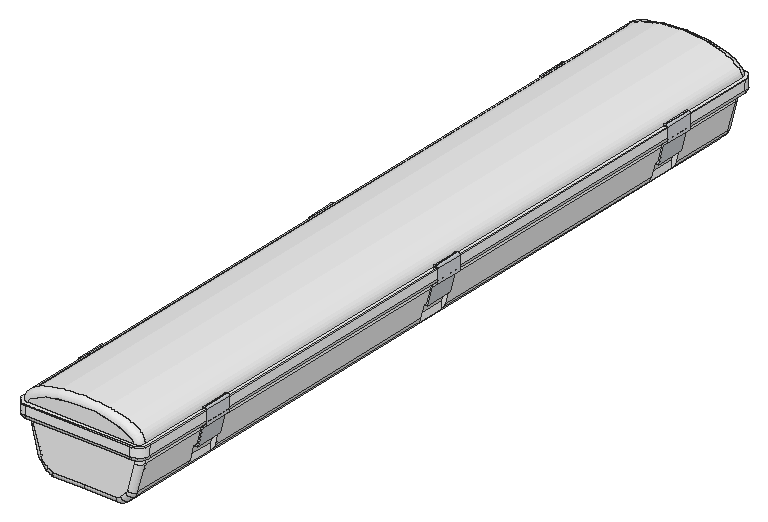
Revit family "0048691 Feilo Sylvania Lighting Fixture SYLPRF SUP LED G3 600MM S 4K D", category Lighting Fixtures, host Face, Revit 2016
Family settings
  Host = Face
  Part Type = Normal
  Round Connector Dimension = Use Diameter
  OmniClass Number = 23.80.70.11.14
  OmniClass Title = General Luminaries, Directional
  Cut with Voids When Loaded = No
  Light Source = Yes
  Shared = No
  Room Calculation Point = No
Parameters (values of type "0048691 SYLPRF SUP LED G3 600MM S 4K D")
  Width = 110 mm
  Weight = "1.12 kg"
  Wattage Comments = "n/a"
  Wattage = 14 W
  WarrantyStartDate [instance] = "n/a"
  WarrantyGuarantorParts = "n/a"
  WarrantyDurationUnit = "n/a"
  WarrantyDurationParts = "n/a"
  WarrantyDescription = "n/a"
  built-in parameter 1150110 = 1 (stored number, unit not read)
  Voltage = 230 V
  URL = "http://www.sylvania-lighting.com"
  TypeName = "SYLPRF SUP LED G3 600MM S 4K D"
  Type Image = <None>
  Type Comments = "n/a"
  built-in parameter 1114217 = 1 (stored number, unit not read)
  Tilt Angle = -90.00°
  built-in parameter 1150109 = 1 (stored number, unit not read)
  built-in parameter 1150134 = 12
  built-in parameter 1150113 = 1 (stored number, unit not read)
  SerialNumber [instance] = "n/a"
  ReflectorMaterial = none
  PowerFactor = 0
  PowerConsumption = "14 W"
  Photometric Web File = "0048691.ies"
  NominalWidth = 0 mm
  NominalLength = 665 mm
  NominalHeight = 78 mm
  Name = "SYLPRF SUP LED G3 600MM S 4K D"
  ModelReference = "SYLPRF SUP LED G3 600MM S 4K D"
  ModelNumber = "0048691"
  Model = "SYLPRF SUP LED G3 600MM S 4K D"
  Material = "grp housing, polycarbonate diffuser"
  ManufacturerName = "Feilo Sylvania"
  Manufacturer = "Feilo Sylvania"
  LuminousEfficacy = "130 lm/W"
  built-in parameter 1150105 = 144.83 (stored number, unit not read)
  Lumens = 1820 lm
  LuminaireType = ""
  built-in parameter 1150115 = 1 (stored number, unit not read)
  LightOutputRatio = "n/a"
  built-in parameter 1150137 = (empty or 0)
  built-in parameter 1150139 = (empty or 0)
  Length = 665 mm
  LampsType = Lamp  # "LED"
  LampNominalLuminous = "1850 lm"
  LampMacAdamStep = "3"
  LampColourTemperature = "4000 K"
  LampColourRenderingIndex = "80"
  built-in parameter 1150112 = 1 (stored number, unit not read)
  built-in parameter 1150114 = 1 (stored number, unit not read)
  Lamp = "LED"
  Keynote = "16500"
  InstallationDate [instance] = "n/a"
  InputVoltage = "220-240V~"
  InputNominalFrequency = "DC/50/60 Hz"
  built-in parameter 1150132 = (empty or 0)
  built-in parameter 1150102 = (empty or 0)
  built-in parameter 1150107 = 4000 (stored number, unit not read)
  built-in parameter 1150138 = (empty or 0)
  IngressProtection = "IP65"
  ImpactProtectionIndex = "IK08"
  built-in parameter 1150106 = 1.4483 (stored number, unit not read)
  IfcExportType = "IfcLightFixtureType"
  IfcExportAs = "IfcLightFixtureType"
  ExpectedLife = 50000
  Emit from Rectangle Width = Width - 20 mm  # 90 mm
  Emit from Rectangle Length = Length - 20 mm  # 645 mm
  Emit Shape Visible in Rendering = no
  ElectricShockClassification = "Class I"
  built-in parameter 1150104 = 12.077 (stored number, unit not read)
  DurationUnit = "hours"
  DocumentationLiterature = "http://www.sylvania-lighting.com/product/en-int/products/0048691"
  DimmingControlOptions = "Dimmable"
  Dimming Lamp Color Temperature Shift = <None>
  DiffuserMaterial = Diffuser-Sylvania-Transparent
  Description = "Sylproof Superia, integrated LED weatherproof luminaire, with UV stabilized flat diffuser and linear prisms designed to achieve uniform lit appearance, optimise light output and to reduce glare, stainless steel diffuser clips and fixing brackets for surface and wall mounting. L 665 mm x W 110 mm x H 78 mm size, GRP housing, Polycarbonate diffuser, DALI dimmable, 4000K, CRI80,  1850 lm, 14 W, 130 lm/W, nominal average life (h):50000, energy class: A++ A+ A Class I, IK08, IP65."
  Default Elevation = 1219.2 mm
  CreatedOn = "3/27/2018"
  CreatedBy = "aron.fodor@feilosylvania.com"
  Cost = 0
  Color Filter = 16777215
  built-in parameter 1114216 [instance] = (empty or 0)
  ClassificationValue = "EF_70_80"
  ClassificationName = "Uniclass2015"
  BracketOffset_FEILO = 360 mm
  BodyMaterial = Body-Sylvania-Gray
  BarCode [instance] = "n/a"
  built-in parameter 1114218 = 1 (stored number, unit not read)
  built-in parameter 1150133 = 10 (stored number, unit not read)
  AssetType = "Fixed"
  AssetIdentifier [instance] = "n/a"
  Assembly Code = "D5020200"
  Apparent Load = 14 VA
  AccessoryMaterial = Diffuser-Sylvania-Glow
Reference planes
  plane 1 "Center (Front/Back)": y = 0
  plane 2: z = 0
  plane 3 "Center (Left/Right)": x = 0
  plane 4: z = 54
  plane 5: x = -27.7
  plane 6: x = -34.8
  plane 7: x = -39.6
  plane 8: x = -42.2
  plane 9: z = 3
  plane 10: z = 7.8
  plane 11: z = 12.3
  plane 12: z = 36.6
  plane 13: z = 42.8
  plane 14: x = -51.1
  plane 15: z = 46.2
  plane 16: x = -55
  plane 17: y = 332.5
  plane 18: y = -332.5
  plane 19: x = 27.7
  plane 20: x = 34.8
  plane 21: x = 39.6
  plane 22: x = 42.2
  plane 23: x = 51.1
  plane 24: x = 55
  plane 25: y = 324.9
  plane 26: y = -324.9
  plane 27: y = -321.2
  plane 28: y = 321.2
  plane 29: z = 74
  plane 30: x = -51.5
  plane 31: x = 51.5
  plane 32: z = 55.2
  plane 33: y = -329
  plane 34: y = 329
  plane 35: x = -37.5
  plane 36: x = 37.5
  plane 37: x = -48.7
  plane 38: x = 48.7
  plane 39: z = 50.2
  plane 40: z = 24.6
  plane 41: y = 720
  plane 42: y = 706
  plane 43: y = 734
  plane 44: y = 250
  plane 45: y = 236
  plane 46: y = 264
  plane 47: y = 0
  plane 48: y = -14
  plane 49: y = 14
  plane 50: y = -250
  plane 51: y = -264
  plane 52: y = -236
Forms (mm)
  Sweep 1, solid, material "Body-Sylvania-Gray" <- "BodyMaterial", detail levels medium+fine
    path origin (1223.4, -4572, 54) x (0, -1, 0) y (1, 0, 0)
      loop
        arc (-4249.5, -1278.4) -> (-4242.429, -1275.471) -> (-4239.5, -1268.4) r 10
        line (-4239.5, -1268.4) -> (-4239.5, -1178.4)
        arc (-4239.5, -1178.4) -> (-4242.429, -1171.329) -> (-4249.5, -1168.4) r 10
        line (-4249.5, -1168.4) -> (-4894.5, -1168.4)
        arc (-4894.5, -1168.4) -> (-4901.571, -1171.329) -> (-4904.5, -1178.4) r 10
        line (-4904.5, -1178.4) -> (-4904.5, -1268.4)
        arc (-4904.5, -1268.4) -> (-4901.571, -1275.471) -> (-4894.5, -1278.4) r 10
        line (-4894.5, -1278.4) -> (-4249.5, -1278.4)
    profile origin (-55, 0, 54) x (-1, 0, 0) y (0, 0, 1)
      loop
        line (0, 0) -> (-1, 0) -> (-1, -7.726)
        arc (-1, -7.726) -> (-1.994, -9.498) -> (-3.9, -10.2) r 2.937
        line (-3.9, -10.2) -> (-8.571, -10.2) -> (-8.571, -11.2) -> (-3.9, -11.2)
        arc (-3.9, -11.2) -> (-1.313, -10.231) -> (0, -7.8) r 3.937
        line (0, -7.8) -> (0, 0)
  Sweep 2, solid, material "Body-Sylvania-Gray" <- "BodyMaterial", detail levels medium+fine
    path origin (0, 0, 0) x (1, 0, 0) y (0, 0, 1)
      loop
        line (48.7, 42.8) -> (48.7, 36.6) -> (42.203, 12.31)
        arc (42.203, 12.31) -> (41.199, 9.884) -> (39.6, 7.8) r 10.052
        line (39.6, 7.8) -> (34.8, 3)
        arc (34.8, 3) -> (31.554, 0.781) -> (27.7, 0) r 9.902
        line (27.7, 0) -> (0, 0) -> (-27.7, 0)
        arc (-27.7, 0) -> (-31.554, 0.781) -> (-34.8, 3) r 9.902
        line (-34.8, 3) -> (-39.6, 7.8)
        arc (-39.6, 7.8) -> (-41.199, 9.884) -> (-42.203, 12.31) r 10.052
        line (-42.203, 12.31) -> (-48.7, 36.6) -> (-48.7, 42.8)
    profile origin (0, 0, 0) x (0, 0, -1) y (0, -1, 0)
      loop
        arc (0, 319.9) -> (-1.464, 323.436) -> (-5, 324.9) r 5
        line (-5, 324.9) -> (-7.8, 324.9) -> (-7.8, -324.9) -> (-5, -324.9)
        arc (-5, -324.9) -> (-1.464, -323.436) -> (0, -319.9) r 5
        line (0, -319.9) -> (0, 319.9)
  Extrusion 3, solid, material "Body-Sylvania-Gray" <- "BodyMaterial", detail levels medium+fine
    sketch origin (1524, 324.9, 1219.2) x (1, 0, 0) y (0, 0, 1)
      loop
        arc (-1558.668, -1204.874) -> (-1558.443, -1205.418) -> (-1558.085, -1205.885) r 2.252
        line (-1558.085, -1205.885) -> (-1553.231, -1210.738)
        arc (-1553.231, -1210.738) -> (-1552.534, -1211.227) -> (-1551.7, -1211.4) r 2.102
        line (-1551.7, -1211.4) -> (-1496.3, -1211.4)
        arc (-1496.3, -1211.4) -> (-1495.466, -1211.227) -> (-1494.769, -1210.738) r 2.102
        line (-1494.769, -1210.738) -> (-1489.915, -1205.885)
        arc (-1489.915, -1205.885) -> (-1489.557, -1205.418) -> (-1489.332, -1204.874) r 2.252
        line (-1489.332, -1204.874) -> (-1483.1, -1181.575) -> (-1483.1, -1176.4) -> (-1564.9, -1176.4) -> (-1564.9, -1181.575) -> (-1558.668, -1204.874)
    from 0 to 649.8
  Sweep 4, solid, material "Diffuser-Sylvania-Transparent" <- "DiffuserMaterial", detail levels medium+fine
    path origin (0, 0, 0) x (1, 0, 0) y (0, 0, 1)
      loop
        spline (-51.5, 55.2) -> (-49.745, 60.066) -> (-44.6, 64.6) -> (-36.416, 68.494) -> (-25.75, 71.481) -> (-13.329, 73.359) -> (0, 74) -> (13.329, 73.359) -> (25.75, 71.481) -> (36.416, 68.494) -> (44.6, 64.6) -> (49.745, 60.066) -> (51.5, 55.2)
    profile origin (51.5, 0, 55.2) x (0, -1, 0) y (1, 0, 0)
      loop
        arc (329, -5.5) -> (327.389, -1.611) -> (323.5, 0) r 5.5
        line (323.5, 0) -> (-323.5, 0)
        arc (-323.5, 0) -> (-327.389, -1.611) -> (-329, -5.5) r 5.5
        line (-329, -5.5) -> (-329, -6.3) -> (-328, -6.3) -> (-328, -5.5)
        arc (-328, -5.5) -> (-326.682, -2.318) -> (-323.5, -1) r 4.5
        line (-323.5, -1) -> (323.5, -1)
        arc (323.5, -1) -> (326.682, -2.318) -> (328, -5.5) r 4.5
        line (328, -5.5) -> (328, -6.347) -> (329, -6.347) -> (329, -5.5)
  Extrusion 5, solid, material "Diffuser-Sylvania-Transparent" <- "DiffuserMaterial", detail levels medium+fine
    sketch origin (1524, -329, 1219.2) x (1, 0, 0) y (0, 0, 1)
      loop
        line (-1569.653, -1164) -> (-1478.347, -1164)
        spline (-1478.347, -1164) -> (-1478.969, -1162.594) -> (-1482.527, -1159.545) -> (-1489.588, -1156.201) -> (-1499.458, -1153.445) -> (-1511.242, -1151.663) -> (-1524, -1151.049) -> (-1536.758, -1151.663) -> (-1548.542, -1153.445) -> (-1558.412, -1156.201) -> (-1565.473, -1159.545) -> (-1569.031, -1162.594) -> (-1569.653, -1164)
    from 0 to -1
  Extrusion 6, solid, material "Diffuser-Sylvania-Transparent" <- "DiffuserMaterial", detail levels medium+fine
    sketch origin (1524, 329, 1219.2) x (1, 0, 0) y (0, 0, 1)
      loop
        spline (-1478.3, -1164) -> (-1478.931, -1162.565) -> (-1482.502, -1159.505) -> (-1489.572, -1156.155) -> (-1499.446, -1153.394) -> (-1511.236, -1151.614) -> (-1524, -1151.007) -> (-1536.764, -1151.614) -> (-1548.554, -1153.394) -> (-1558.428, -1156.155) -> (-1565.498, -1159.505) -> (-1569.069, -1162.565) -> (-1569.7, -1164)
        line (-1569.7, -1164) -> (-1478.3, -1164)
    from 0 to 1
  Extrusion 7, solid, material "Diffuser-Sylvania-Transparent" <- "DiffuserMaterial", detail levels medium+fine
    sketch origin (1223.4, -4572, 55.2) x (0, -1, 0) y (-1, 0, 0)
      loop
        arc (-4900, 1177.4) -> (-4898.682, 1174.218) -> (-4895.5, 1172.9) r 4.5
        line (-4895.5, 1172.9) -> (-4248.5, 1172.9)
        arc (-4248.5, 1172.9) -> (-4245.318, 1174.218) -> (-4244, 1177.4) r 4.5
        line (-4244, 1177.4) -> (-4244, 1269.4)
        arc (-4244, 1269.4) -> (-4245.318, 1272.582) -> (-4248.5, 1273.9) r 4.5
        line (-4248.5, 1273.9) -> (-4895.5, 1273.9)
        arc (-4895.5, 1273.9) -> (-4898.682, 1272.582) -> (-4900, 1269.4) r 4.5
        line (-4900, 1269.4) -> (-4900, 1177.4)
      loop
        line (-4904.5, 1268.4) -> (-4904.5, 1178.4)
        arc (-4904.5, 1178.4) -> (-4901.571, 1171.329) -> (-4894.5, 1168.4) r 10
        line (-4894.5, 1168.4) -> (-4249.5, 1168.4)
        arc (-4249.5, 1168.4) -> (-4242.429, 1171.329) -> (-4239.5, 1178.4) r 10
        line (-4239.5, 1178.4) -> (-4239.5, 1268.4)
        arc (-4239.5, 1268.4) -> (-4242.429, 1275.471) -> (-4249.5, 1278.4) r 10
        line (-4249.5, 1278.4) -> (-4894.5, 1278.4)
        arc (-4894.5, 1278.4) -> (-4901.571, 1275.471) -> (-4904.5, 1268.4) r 10
    from 0 to 1.2
  Extrusion 8, solid, material "Diffuser-Sylvania-Glow" <- "AccessoryMaterial", detail levels fine
    sketch origin (0, 0, 0) x (1, 0, 0) y (0, 0, 1)
      loop
        circle (0, 50.2) r 8
    from -321.2 to 321.2
  Extrusion 9, solid, material "Body-Sylvania-Gray" <- "BodyMaterial", detail levels coarse
    sketch origin (0, 0, 0) x (1, 0, 0) y (0, 0, 1)
      loop
        line (55, 42.8) -> (55, 55.2) -> (-55, 55.2) -> (-55, 42.791) -> (-42.2, 0) -> (42.2, 0) -> (55, 42.8)
    from -332.5 to 332.5
  Extrusion 10, solid, material "Diffuser-Sylvania-Transparent" <- "DiffuserMaterial", detail levels coarse
    sketch origin (0, 0, 0) x (1, 0, 0) y (0, 0, 1)
      loop
        arc (51.5, 55.2) -> (0, 74) -> (-51.5, 55.2) r 79.939
        line (-51.5, 55.2) -> (51.5, 55.2)
    from 324.9 to -324.9
  Extrusion 11, void, not visible
    sketch origin (0, 720, 2343.807) x (0, 0, -1) y (-1, 0, 0)
      loop
        line (2340.807, -37.5) -> (2331.507, -37.5) -> (2319.207, -42.2) -> (2319.207, -48.7) -> (2340.807, -48.7) -> (2340.807, -37.5)
      loop
        line (2340.807, 37.5) -> (2340.807, 48.7) -> (2319.207, 48.7) -> (2319.207, 42.2) -> (2331.507, 37.5) -> (2340.807, 37.5)
    from -14 to 14
  Extrusion 12, void
    sketch origin (0, 250, 2343.807) x (0, 0, -1) y (-1, 0, 0)
      loop
        line (2340.807, -37.5) -> (2331.507, -37.5) -> (2319.207, -42.2) -> (2319.207, -48.7) -> (2340.807, -48.7) -> (2340.807, -37.5)
      loop
        line (2340.807, 37.5) -> (2340.807, 48.7) -> (2319.207, 48.7) -> (2319.207, 42.2) -> (2331.507, 37.5) -> (2340.807, 37.5)
    from -14 to 14
  Extrusion 13, void
    sketch origin (0, 0, 2343.807) x (0, 0, -1) y (-1, 0, 0)
      loop
        line (2340.807, -37.5) -> (2331.507, -37.5) -> (2319.207, -42.2) -> (2319.207, -48.7) -> (2340.807, -48.7) -> (2340.807, -37.5)
      loop
        line (2340.807, 37.5) -> (2340.807, 48.7) -> (2319.207, 48.7) -> (2319.207, 42.2) -> (2331.507, 37.5) -> (2340.807, 37.5)
    from -14 to 14
  Extrusion 14, void
    sketch origin (0, -250, 2343.807) x (0, 0, -1) y (-1, 0, 0)
      loop
        line (2340.807, -37.5) -> (2331.507, -37.5) -> (2319.207, -42.2) -> (2319.207, -48.7) -> (2340.807, -48.7) -> (2340.807, -37.5)
      loop
        line (2340.807, 37.5) -> (2340.807, 48.7) -> (2319.207, 48.7) -> (2319.207, 42.2) -> (2331.507, 37.5) -> (2340.807, 37.5)
    from -14 to 14
Cuts and joins
  Extrusion 12, Extrusion 13, Extrusion 14 cuts Sweep 2
  Extrusion 12, Extrusion 13, Extrusion 14 cuts Extrusion 3
  joined: Sweep 2, Extrusion 3
  joined: Sweep 4, Extrusion 5, Extrusion 6
Dimensions and locks
  locked: plane 4 to plane 2 at 54
  plane 5 to plane 6 to plane 7 to plane 8 to plane 14 to plane 16 = 7.1 mm locked, 4.8 mm locked, 2.6 mm locked, 8.9 mm, 3.9 mm
  plane 4 to plane 15 to plane 13 to plane 12 to plane 11 to plane 10 to plane 9 = 7.8 mm locked, 3.4 mm, 6.2 mm locked, 24.3 mm locked, 4.5 mm locked, 4.8 mm locked
  equal spacing: plane 18, plane 1 "Center (Front/Back)", plane 17
  "Length": plane 18 to plane 17
  plane 19 to plane 20 to plane 21 to plane 22 to plane 23 to plane 24 = 7.1 mm locked, 4.8 mm locked, 2.6 mm locked, 8.9 mm, 3.9 mm
  equal spacing: plane 24, plane 3 "Center (Left/Right)", plane 16
  "Width": plane 24 to plane 16
  equal spacing: plane 27, plane 1 "Center (Front/Back)", plane 28
  locked: plane 26 to plane 27 at 3.7
  locked: Sweep 1 sketch curve to profile plane at 1
  locked: Sweep 1 sketch curve to plane 13 at 1
  locked: Sweep 1 sketch curve to plane 13 at 3.937  (x2)
  locked: Sweep 1 sketch curve to profile plane at 3.9  (x2)
  locked: plane 29 to plane 4 at 20
  equal spacing: plane 31, plane 3 "Center (Left/Right)", plane 30
  locked: plane 30 to plane 16 at 3.5
  locked: plane 32 to plane 4 at 1.2
  equal spacing: plane 33, plane 1 "Center (Front/Back)", plane 34
  equal spacing: plane 36, plane 3 "Center (Left/Right)", plane 35
  locked: plane 3 "Center (Left/Right)" to plane 35 at 37.5
  locked: plane 34 to plane 17 at 3.5
  equal spacing: plane 38, plane 3 "Center (Left/Right)", plane 37
  locked: plane 37 to plane 16 at 6.3
  equal spacing: plane 25, plane 1 "Center (Front/Back)", plane 26
  locked: plane 17 to plane 25 at 7.6
  locked: Sweep 2 sketch curve to plane 2 at 5  (x2)
  locked: Sweep 2 sketch curve to plane 26 at 5
  locked: plane 25 to Sweep 2 sketch curve at 5
  locked: Sweep 4 sketch curve to plane 31 at 5.5  (x2)
  locked: Sweep 4 sketch curve to plane 34 at 5.5
  plane 33 to Sweep 4 sketch curve = 5.5 mm
  locked: plane 34 to Sweep 4 sketch curve at 1
  locked: Sweep 4 sketch curve to plane 31 at 1
  locked: Sweep 4 sketch curve to Sweep 4 sketch curve at 1
  locked: Sweep 4 sketch curve to plane 31 at 6.347
  locked: Sweep 4 sketch curve to plane 31 at 6.3
  locked: plane 40 to plane 2 at 24.6
  plane 43 to plane 41 to plane 42 = 14 mm locked, 14 mm locked
  plane 46 to plane 44 to plane 45 = 14 mm locked, 14 mm locked
  plane 49 to plane 47 to plane 48 = 14 mm locked, 14 mm locked
  plane 52 to plane 50 to plane 51 = 14 mm locked, 14 mm locked
  equal spacing: plane 44, plane 1 "Center (Front/Back)", plane 50
  locked: plane 44 to plane 1 "Center (Front/Back)" at 250
  aligned and locked: plane 2 to host face
  aligned and locked: level to host face
  aligned and locked: plane 16 to Sweep 1 sketch curve
  aligned and locked: Sweep 1 sketch curve to plane 24
  aligned and locked: plane 18 to Sweep 1 sketch curve
  aligned and locked: Sweep 1 sketch curve to plane 13
  aligned and locked: profile plane to Sweep 1 sketch curve
  aligned and locked: plane 3 "Center (Left/Right)" to Sweep 2 sketch curve
  aligned and locked: plane 9 to Sweep 2 sketch curve
  aligned and locked: plane 10 to Sweep 2 sketch curve
  aligned and locked: plane 37 to Sweep 2 sketch curve
  aligned and locked: plane 12 to Sweep 2 sketch curve
  aligned and locked: Sweep 2 sketch curve to level
  aligned and locked: plane 21 to Sweep 2 sketch curve
  aligned and locked: plane 38 to Sweep 2 sketch curve
  aligned and locked: profile plane to Sweep 2 sketch curve
  aligned and locked: plane 25 to Sweep 2 sketch curve
  aligned and locked: Sweep 2 sketch curve to plane 10
  aligned and locked: Extrusion 3 sketch curve to Sweep 2  (x7)
  aligned and locked: Sweep 2 to Extrusion 3 sketch curve
  aligned and locked: Extrusion 3 to plane 25
  aligned and locked: plane 26 to Extrusion 3
  aligned and locked: plane 32 to Sweep 4 sketch curve
  aligned and locked: plane 33 to Sweep 4 sketch curve
  aligned and locked: Sweep 4 to Extrusion 5
  aligned and locked: plane 33 to Extrusion 5
  aligned and locked: Extrusion 5 sketch curve to Sweep 4
  aligned and locked: cut or joined group of Sweep 4, Extrusion 5, Extrusion 6 to Extrusion 6 sketch curve
  aligned and locked: Extrusion 7 sketch curve to cut or joined group of Sweep 4, Extrusion 5, Extrusion 6  (x2)
  aligned and locked: cut or joined group of Sweep 4, Extrusion 5, Extrusion 6 to Extrusion 7 sketch curve  (x2)
  aligned and locked: plane 39 to Extrusion 8 sketch curve
  aligned and locked: plane 27 to Extrusion 8
  aligned and locked: Extrusion 8 to plane 28
  aligned and locked: Extrusion 7 sketch curve to Sweep 1  (x4)
  aligned and locked: plane 4 to Extrusion 7
  aligned and locked: Extrusion 7 to plane 32
  aligned and locked: Extrusion 9 sketch curve to plane 24
  aligned and locked: Extrusion 9 sketch curve to Extrusion 7
  aligned and locked: plane 8 to Extrusion 9 sketch curve
  aligned and locked: plane 22 to Extrusion 9 sketch curve
  aligned and locked: level to Extrusion 9 sketch curve
  aligned and locked: Extrusion 9 to plane 17
  aligned and locked: plane 18 to Extrusion 9
  aligned and locked: cut or joined group of Sweep 4, Extrusion 5, Extrusion 6 to Extrusion 10 sketch curve
  aligned and locked: Extrusion 10 sketch curve to cut or joined group of Sweep 4, Extrusion 5, Extrusion 6  (x2)
  aligned and locked: plane 31 to Extrusion 10 sketch curve
  aligned and locked: plane 30 to Extrusion 10 sketch curve
  aligned and locked: plane 26 to Extrusion 10
  aligned and locked: Extrusion 10 to plane 25
  aligned and locked: imposter light to plane 29
  aligned and locked: plane 3 "Center (Left/Right)" to imposter light
  aligned and locked: plane 1 "Center (Front/Back)" to imposter light
  aligned and locked: plane 45 to Extrusion 12
  aligned and locked: Extrusion 12 to plane 46
  aligned and locked: plane 48 to Extrusion 13
  aligned and locked: Extrusion 13 to plane 49
  aligned and locked: plane 51 to Extrusion 14
  aligned and locked: Extrusion 14 to plane 52
  aligned and locked: nested 1 to plane 44
  aligned and locked: plane 44 to nested 6
  aligned and locked: nested 2 to plane 47
  aligned and locked: plane 47 to nested 5
  aligned and locked: nested 3 to plane 50
  aligned and locked: plane 50 to nested 4
  aligned and locked: plane 47 to plane 1 "Center (Front/Back)"
  aligned and locked: plane 3 "Center (Left/Right)" to Extrusion 8 sketch curve
Automatic sketch dimensions
  host sketch curve to host sketch curve = 2438.4 mm  (x2)
  plane 17 to Sweep 1 sketch curve = 0 mm
  Sweep 1 sketch curve to plane 28 = 1.3 mm
  Sweep 1 sketch curve to plane 7 = 5.4 mm
  plane 27 to Sweep 1 sketch curve = 1.3 mm  (x2)
  Sweep 1 sketch curve to Sweep 1 sketch curve = 4.671 mm
  Sweep 1 sketch curve to plane 4 = 0 mm
  Sweep 2 sketch curve to plane 7 = 0 mm
  Sweep 2 sketch curve to plane 6 = 0 mm
  Sweep 2 sketch curve to plane 5 = 0 mm
  plane 19 to Sweep 2 sketch curve = 0 mm
  Sweep 2 sketch curve to plane 9 = 0 mm
  plane 20 to Sweep 2 sketch curve = 0 mm
  Sweep 2 sketch curve to plane 12 = 0 mm
  Sweep 2 sketch curve to plane 10 = 0 mm
  Sweep 2 sketch curve to plane 13 = 0 mm  (x2)
  Sweep 2 sketch curve to plane 8 = 0.003 mm
  plane 6 to Sweep 2 sketch curve = 2.308 mm
  plane 20 to Sweep 2 sketch curve = 2.308 mm
  Sweep 2 sketch curve to plane 22 = 0.003 mm
  Sweep 2 sketch curve to plane 11 = 0.01 mm  (x2)
  Extrusion 3 sketch curve to plane 5 = 0 mm
  plane 19 to Extrusion 3 sketch curve = 0 mm
  plane 6 to Extrusion 3 sketch curve = 0.132 mm
  plane 6 to Extrusion 3 sketch curve = 0.715 mm
  Extrusion 3 sketch curve to Extrusion 3 sketch curve = 1.592 mm
  Extrusion 3 sketch curve to plane 10 = 0.662 mm  (x2)
  plane 20 to Extrusion 3 sketch curve = 2.308 mm
  plane 20 to Extrusion 3 sketch curve = 0.715 mm
  plane 20 to Extrusion 3 sketch curve = 0.132 mm
  Sweep 4 sketch curve to plane 30 = 0 mm
  Sweep 4 sketch curve to plane 3 "Center (Left/Right)" = 0 mm
  Sweep 4 sketch curve to Sweep 4 sketch curve = 0 mm  (x2)
  plane 37 to Extrusion 5 sketch curve = 3.047 mm
  Extrusion 5 sketch curve to plane 38 = 3.047 mm
  plane 37 to Extrusion 6 sketch curve = 3 mm
  Extrusion 6 sketch curve to plane 38 = 3 mm
  plane 25 to Extrusion 7 sketch curve = 1.4 mm  (x2)
  Extrusion 7 sketch curve to plane 26 = 1.4 mm  (x2)
  Extrusion 9 sketch curve to plane 13 = 0 mm
  plane 13 to Extrusion 9 sketch curve = 0.009 mm
  Extrusion 10 sketch curve to level = 5.939 mm
  Extrusion 9 sketch curve to plane 16 = 0 mm
  Extrusion 11 sketch curve to Extrusion 11 sketch curve = 0 mm
  Extrusion 11 sketch curve to Extrusion 11 sketch curve = 12.3 mm  (x2)
  Extrusion 11 sketch curve to Extrusion 11 sketch curve = 9.3 mm  (x2)
  Extrusion 11 sketch curve to Extrusion 11 sketch curve = 6.5 mm
  Extrusion 11 sketch curve to Extrusion 11 sketch curve = 4.7 mm  (x2)
  Extrusion 11 sketch curve to Extrusion 11 sketch curve = 75 mm
  Extrusion 11 sketch curve to Extrusion 11 sketch curve = 11.2 mm
  Extrusion 12 sketch curve to Extrusion 12 sketch curve = 0 mm
  Extrusion 12 sketch curve to Extrusion 12 sketch curve = 12.3 mm  (x2)
  Extrusion 12 sketch curve to Extrusion 12 sketch curve = 9.3 mm  (x2)
  Extrusion 12 sketch curve to Extrusion 12 sketch curve = 6.5 mm
  Extrusion 12 sketch curve to Extrusion 12 sketch curve = 4.7 mm  (x2)
  Extrusion 12 sketch curve to Extrusion 12 sketch curve = 75 mm
  Extrusion 12 sketch curve to Extrusion 12 sketch curve = 11.2 mm
  Extrusion 13 sketch curve to Extrusion 13 sketch curve = 0 mm
  Extrusion 13 sketch curve to Extrusion 13 sketch curve = 12.3 mm  (x2)
  Extrusion 13 sketch curve to Extrusion 13 sketch curve = 9.3 mm  (x2)
  Extrusion 13 sketch curve to Extrusion 13 sketch curve = 6.5 mm
  Extrusion 13 sketch curve to Extrusion 13 sketch curve = 4.7 mm  (x2)
  Extrusion 13 sketch curve to Extrusion 13 sketch curve = 75 mm
  Extrusion 13 sketch curve to Extrusion 13 sketch curve = 11.2 mm
  Extrusion 14 sketch curve to Extrusion 14 sketch curve = 0 mm
  Extrusion 14 sketch curve to Extrusion 14 sketch curve = 12.3 mm  (x2)
  Extrusion 14 sketch curve to Extrusion 14 sketch curve = 9.3 mm  (x2)
  Extrusion 14 sketch curve to Extrusion 14 sketch curve = 6.5 mm
  Extrusion 14 sketch curve to Extrusion 14 sketch curve = 4.7 mm  (x2)
  Extrusion 14 sketch curve to Extrusion 14 sketch curve = 75 mm
  Extrusion 14 sketch curve to Extrusion 14 sketch curve = 11.2 mm
  radius of Extrusion 8 sketch curve = 8 mm
Nested families
  nested 1: "Clip" at (-42.2, 250, 24.6) x (-1, 0, 0) z (0, 0, 1), type "Clip", detail levels fine
  nested 2: "Clip" at (-42.2, 0, 24.6) x (-1, 0, 0) z (0, 0, 1), type "Clip", detail levels fine
  nested 3: "Clip" at (-42.2, -250, 24.6) x (-1, 0, 0) z (0, 0, 1), type "Clip", detail levels fine
  nested 4: "Clip" at (42.2, -250, 24.6), type "Clip", detail levels fine
  nested 5: "Clip" at (42.2, 0, 24.6), type "Clip", detail levels fine
  nested 6: "Clip" at (42.2, 250, 24.6), type "Clip", detail levels fine
Connectors
  electrical at (0, 0, 0), driven by "Apparent Load"
    settings: index 1, voltage 230 V, apparent load 14 VA, apparent load phase1 0 VA, apparent load phase2 0 VA, apparent load phase3 0 VA, power factor 0, load classification "Lighting", number of poles 1, system type 30, power factor state 1, is connector primary yes, connector utility no, sub classification motor no, connector description ""
Definition of nested family "Clip"
  Parameters (values of type "Clip")
    URL = "http://www.feilosylvania.com"
    Type Comments = "n/a"
    Model = "n/a"
    Manufacturer = "Feilo Sylvania"
    Keynote = "n/a"
    Description = "n/a"
    Default Elevation = 1219.2 mm
    Cost = 0
    BodyMaterial = none
    Assembly Code = "n/a"
  Reference planes
    plane 1 "Center (Front/Back)": y = 0
    plane 2: z = 0
    plane 3 "Center (Left/Right)": x = 0
    plane 4: x = 3.3
    plane 5: x = 6.5
    plane 6: x = 8.9
    plane 7: x = 12.8
    plane 8: z = 12
    plane 9: z = 18.2
    plane 10: z = 21.6
    plane 11: z = 30.6
    plane 12: x = 9.3
    plane 13: z = 19.2
    plane 14: z = 16.2
    plane 15: x = 10.1
    plane 16: y = 12
    plane 17: y = -12
  Forms (mm)
    Extrusion 1, solid
      sketch origin (-0.8, 0, 0) x (1, 0, 0) y (0, 1, 0)
        loop
          line (-1219.2, 1219.2) -> (-1219.2, -1219.2) -> (1219.2, -1219.2) -> (1219.2, 1219.2) -> (-1219.2, 1219.2)
      from 0 to -304.8
    Extrusion 2, solid
      sketch origin (0, 0, 0) x (1, 0, 0) y (0, 0, 1)
        loop
          line (8.9, 16.2) -> (4.58, 0) -> (0, 0) -> (0, -0.8) -> (5.195, -0.8) -> (9.603, 15.731) -> (13.6, 18.806) -> (13.6, 30.6)
          arc (13.6, 30.6) -> (11.45, 32.75) -> (9.3, 30.6) r 2.15
          line (9.3, 30.6) -> (10.1, 30.6)
          arc (10.1, 30.6) -> (11.45, 31.95) -> (12.8, 30.6) r 1.35
          line (12.8, 30.6) -> (12.8, 19.2) -> (8.9, 16.2)
      from -12 to 12
  Lines and regions (mm)
    reference lines
      curve 1: line (3.3, 0, 0) -> (6.5, 0, 12)
      curve 2: arc (8.9, 0, 18.2) -> (11.488, 0, 19.169) -> (12.8, 0, 21.6) r 3.934
  Dimensions and locks
    plane 7 to plane 6 to plane 5 to plane 4 to plane 3 "Center (Left/Right)" = 3.9 mm locked, 2.4 mm locked, 3.2 mm locked, 3.3 mm locked
    plane 11 to plane 10 to plane 9 to plane 8 to plane 2 = 9 mm locked, 3.4 mm locked, 6.2 mm locked, 12 mm locked
    locked: plane 7 to plane 12 at 3.5
    locked: plane 13 to plane 9 at 1
    locked: plane 9 to plane 14 at 2
    locked: plane 15 to plane 12 at 0.8
    locked: plane 2 to Extrusion 2 sketch curve at 0.8
    locked: Extrusion 2 sketch curve to Extrusion 2 sketch curve at 0.8  (x3)
    locked: plane 7 to Extrusion 2 sketch curve at 1.35
    equal spacing: plane 17, plane 1 "Center (Front/Back)", plane 16
    locked: plane 1 "Center (Front/Back)" to plane 16 at 12
    aligned and locked: plane 2 to Extrusion 1
    aligned and locked: level to Extrusion 1
    aligned and locked: plane 4 to curve 1
    aligned and locked: plane 5 to curve 1
    aligned and locked: plane 6 to curve 2
    aligned and locked: plane 10 to curve 2
    aligned and locked: plane 14 to Extrusion 2 sketch curve
    aligned and locked: plane 13 to Extrusion 2 sketch curve
    aligned and locked: plane 7 to Extrusion 2 sketch curve
    aligned and locked: plane 3 "Center (Left/Right)" to Extrusion 2 sketch curve
    aligned and locked: Extrusion 2 sketch curve to level
    aligned and locked: Extrusion 2 sketch curve to plane 11
    aligned and locked: plane 11 to Extrusion 2 sketch curve
    aligned and locked: Extrusion 2 to plane 16
    aligned and locked: plane 17 to Extrusion 2
  Automatic sketch dimensions
    Extrusion 1 sketch curve to Extrusion 1 sketch curve = 2438.4 mm  (x2)
    curve 2 to plane 7 = 0 mm
    curve 1 to level = 0 mm
    curve 1 to plane 8 = 0 mm
    curve 2 to plane 9 = 0 mm
    plane 6 to curve 2 = 0.002 mm
    Extrusion 2 sketch curve to Extrusion 2 sketch curve = 0 mm
    Extrusion 2 sketch curve to plane 6 = 0 mm
    plane 4 to Extrusion 2 sketch curve = 1.28 mm
